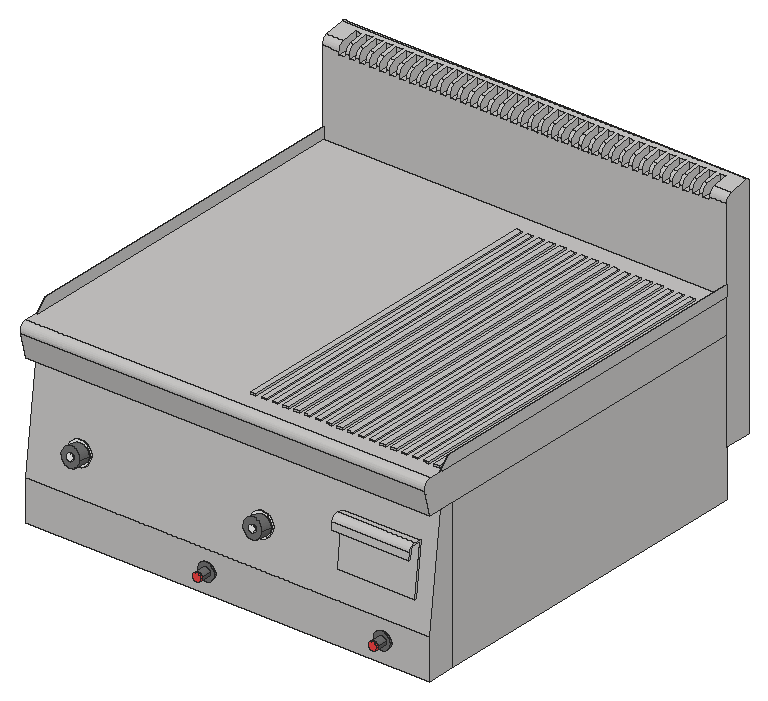
Revit family "QF_GIORIK_LGG6910", category Specialty Equipment, Revit 2014
Parameters (values of type "LGG6910")
  Weight in Pounds = 132.2772
  URL Cutsheet = "www.giorik.com"
  URL = "www.giorik.com"
  Status [instance] = ""
  Specification by User [instance] = ""
  Specification by Manufacturer = ""
  Show Logo [instance] = yes
  Show Clearance [instance] = yes
  Serial Number = ""
  Seismic Rating = ""
  SMACNA No = ""
  Revision Code [instance] = ""
  NAFEM Spec ID Number = ""
  Model = "LGG6910"
  Mechanical Remarks [instance] = "Natural Gas"
  Mechanical Connection Type [instance] = ""
  Masterspec = ""
  Manufacturer = "GIORIK"
  Item Number [instance] = ""
  Installed By [instance] = ""
  Identify Quantity as Lot [instance] = no
  Gas Size = 1"
  Gas RI Height [instance] = 0 mm
  Gas KW = 7.6
  Gas Input = 7600 W
  Gas Connection Height [instance] = 45 mm
  Furnished By [instance] = ""
  Foodservice Equipment Identifier [instance] = yes
  Description = "GRIDDLESMOOTH RIBBED"
  CSI MasterFormat = ""
  Assembly Code = "E1090320"
Reference planes
  plane 1 "Back": y = 0
  plane 2: z = 0
  plane 3 "Left": x = 0
  plane 4 "Right": x = 600
  plane 5 "Front": y = -600
  plane 6 "Top": z = 430
Forms (mm)
  Extrusion 1, solid
    sketch origin (0, 1000, -580) x (0, 1, 0) y (0, 0, 1)
      loop
        line (-1040.007, 869.975) -> (-1589.445, 869.975)
        arc (-1589.445, 869.975) -> (-1598.171, 865.672) -> (-1600.069, 856.13) r 10.999
        line (-1600.069, 856.13) -> (-1590.388, 820) -> (-1040.007, 820) -> (-1040.007, 869.975)
    from 0 to 600
  Extrusion 2, solid
    sketch origin (0, 0, -560) x (0, 1, 0) y (0, 0, 1)
      loop
        line (-570.06, 849.975) -> (-40.007, 849.975) -> (-40.007, 865.387) -> (-554.648, 865.387) -> (-570.06, 849.975)
    from 0 to 1.85
  Extrusion 3, solid
    sketch origin (0, 0, -560) x (0, 1, 0) y (0, 0, 1)
      loop
        line (-40.007, 800) -> (-550, 800) -> (-550, 580) -> (-40.007, 580) -> (-40.007, 800)
    from 0 to 600
  Extrusion 4, solid
    sketch origin (0, 0, -560) x (0, 1, 0) y (0, 0, 1)
      loop
        line (-550, 800) -> (-570.5, 800) -> (-590, 640) -> (-590, 580) -> (-550, 580) -> (-550, 800)
    from 0 to 600
  Extrusion 5, solid
    sketch origin (598.094, 0, -560) x (0, 1, 0) y (0, 0, 1)
      loop
        line (-570.06, 849.975) -> (-40.007, 849.975) -> (-40.007, 865.387) -> (-554.648, 865.387) -> (-570.06, 849.975)
    from -0.15 to 1.906
  Extrusion 6, solid
    sketch origin (0, 0, -560) x (0, 1, 0) y (0, 0, 1)
      loop
        line (-40.007, 974.217) -> (-40.007, 650.827) -> (0, 650.827) -> (0, 988.42)
        arc (0, 988.42) -> (-0.57, 989.648) -> (-1.878, 990) r 1.6
        line (-1.878, 990) -> (-31.072, 984.852)
        arc (-31.072, 984.852) -> (-37.477, 981.162) -> (-40.007, 974.217) r 10.797
    from 0 to 600
  Extrusion 7, solid
    sketch origin (103.819, 0, -561) x (1, 0, 0) y (0, 0, 1)
      loop
        circle (-38.319, 606) r 12.5
    from 20.007 to 40.007
  Extrusion 8, void
    sketch origin (10, 0, 430) x (0, 1, 0) y (-1, 0, 0)
      loop
        line (-40.007, -25) -> (-9.931, -25) -> (-9.931, -15) -> (-40.007, -15) -> (-40.007, -25)
      loop
        line (-40.007, -40) -> (-9.931, -40) -> (-9.931, -30) -> (-40.007, -30) -> (-40.007, -40)
      loop
        line (-40.007, -55) -> (-9.931, -55) -> (-9.931, -45) -> (-40.007, -45) -> (-40.007, -55)
      loop
        line (-40.007, -70) -> (-9.931, -70) -> (-9.931, -60) -> (-40.007, -60) -> (-40.007, -70)
      loop
        line (-40.007, -85) -> (-9.931, -85) -> (-9.931, -75) -> (-40.007, -75) -> (-40.007, -85)
      loop
        line (-40.007, -100) -> (-9.931, -100) -> (-9.931, -90) -> (-40.007, -90) -> (-40.007, -100)
      loop
        line (-40.007, -115) -> (-9.931, -115) -> (-9.931, -105) -> (-40.007, -105) -> (-40.007, -115)
      loop
        line (-40.007, -130) -> (-9.931, -130) -> (-9.931, -120) -> (-40.007, -120) -> (-40.007, -130)
      loop
        line (-40.007, -145) -> (-9.931, -145) -> (-9.931, -135) -> (-40.007, -135) -> (-40.007, -145)
      loop
        line (-40.007, -160) -> (-9.931, -160) -> (-9.931, -150) -> (-40.007, -150) -> (-40.007, -160)
      loop
        line (-40.007, -175) -> (-9.931, -175) -> (-9.931, -165) -> (-40.007, -165) -> (-40.007, -175)
      loop
        line (-40.007, -190) -> (-9.931, -190) -> (-9.931, -180) -> (-40.007, -180) -> (-40.007, -190)
      loop
        line (-40.007, -205) -> (-9.931, -205) -> (-9.931, -195) -> (-40.007, -195) -> (-40.007, -205)
      loop
        line (-40.007, -220) -> (-9.931, -220) -> (-9.931, -210) -> (-40.007, -210) -> (-40.007, -220)
      loop
        line (-40.007, -235) -> (-9.931, -235) -> (-9.931, -225) -> (-40.007, -225) -> (-40.007, -235)
      loop
        line (-40.007, -250) -> (-9.931, -250) -> (-9.931, -240) -> (-40.007, -240) -> (-40.007, -250)
      loop
        line (-40.007, -265) -> (-9.931, -265) -> (-9.931, -255) -> (-40.007, -255) -> (-40.007, -265)
      loop
        line (-40.007, -280) -> (-9.931, -280) -> (-9.931, -270) -> (-40.007, -270) -> (-40.007, -280)
      loop
        line (-40.007, -295) -> (-9.931, -295) -> (-9.931, -285) -> (-40.007, -285) -> (-40.007, -295)
      loop
        line (-40.007, -310) -> (-9.931, -310) -> (-9.931, -300) -> (-40.007, -300) -> (-40.007, -310)
      loop
        line (-40.007, -325) -> (-9.931, -325) -> (-9.931, -315) -> (-40.007, -315) -> (-40.007, -325)
      loop
        line (-40.007, -340) -> (-9.931, -340) -> (-9.931, -330) -> (-40.007, -330) -> (-40.007, -340)
      loop
        line (-40.007, -355) -> (-9.931, -355) -> (-9.931, -345) -> (-40.007, -345) -> (-40.007, -355)
      loop
        line (-40.007, -370) -> (-9.931, -370) -> (-9.931, -360) -> (-40.007, -360) -> (-40.007, -370)
      loop
        line (-40.007, -385) -> (-9.931, -385) -> (-9.931, -375) -> (-40.007, -375) -> (-40.007, -385)
      loop
        line (-40.007, -400) -> (-9.931, -400) -> (-9.931, -390) -> (-40.007, -390) -> (-40.007, -400)
      loop
        line (-40.007, -415) -> (-9.931, -415) -> (-9.931, -405) -> (-40.007, -405) -> (-40.007, -415)
      loop
        line (-40.007, -430) -> (-9.931, -430) -> (-9.931, -420) -> (-40.007, -420) -> (-40.007, -430)
      loop
        line (-40.007, -445) -> (-9.931, -445) -> (-9.931, -435) -> (-40.007, -435) -> (-40.007, -445)
      loop
        line (-40.007, -460) -> (-9.931, -460) -> (-9.931, -450) -> (-40.007, -450) -> (-40.007, -460)
      loop
        line (-40.007, -475) -> (-9.931, -475) -> (-9.931, -465) -> (-40.007, -465) -> (-40.007, -475)
      loop
        line (-40.007, -490) -> (-9.931, -490) -> (-9.931, -480) -> (-40.007, -480) -> (-40.007, -490)
      loop
        line (-40.007, -505) -> (-9.931, -505) -> (-9.931, -495) -> (-40.007, -495) -> (-40.007, -505)
      loop
        line (-40.007, -520) -> (-9.931, -520) -> (-9.931, -510) -> (-40.007, -510) -> (-40.007, -520)
      loop
        line (-40.007, -535) -> (-9.931, -535) -> (-9.931, -525) -> (-40.007, -525) -> (-40.007, -535)
      loop
        line (-40.007, -550) -> (-9.931, -550) -> (-9.931, -540) -> (-40.007, -540) -> (-40.007, -550)
      loop
        line (-40.007, -565) -> (-9.931, -565) -> (-9.931, -555) -> (-40.007, -555) -> (-40.007, -565)
    from 0 to -20
  Extrusion 9, solid
    sketch origin (566.603, 15.293, -30) x (0, 1, 0) y (-1, 0, 0)
      loop
        circle (-79.293, 516.603) r 5
    from 41.965 to 50
  Revolve 10, solid
    sketch origin (50, 19.943, -600) x (0, 1, 0) y (0, 0, 1)
      loop
        line (-83.943, 611.965) -> (-94.752, 611.965) -> (-97.943, 600) -> (-83.943, 600) -> (-83.943, 611.965)
      axis (-83.943, 611.965) -> (-83.943, 600)
    angle from 0 to 360
  Extrusion 11, solid
    sketch origin (33.397, 15.293, -30) x (0, 1, 0) y (-1, 0, 0)
      loop
        circle (-79.293, -516.603) r 5
    from 41.965 to 50
  Revolve 12, solid
    sketch origin (550, 19.943, -600) x (0, 1, 0) y (0, 0, -1)
      loop
        line (-83.943, -611.965) -> (-83.943, -600) -> (-97.943, -600) -> (-94.752, -611.965) -> (-83.943, -611.965)
      axis (-83.943, -611.965) -> (-83.943, -600)
    angle from 0 to 360
  Extrusion 13, solid
    sketch origin (566.603, -459.707, -30) x (0, 1, 0) y (-1, 0, 0)
      loop
        circle (-79.293, 516.603) r 5
    from 41.965 to 50
  Revolve 14, solid
    sketch origin (50, -455.057, -600) x (0, 1, 0) y (0, 0, 1)
      loop
        line (-83.943, 611.965) -> (-94.752, 611.965) -> (-97.943, 600) -> (-83.943, 600) -> (-83.943, 611.965)
      axis (-83.943, 611.965) -> (-83.943, 600)
    angle from 0 to 360
  Extrusion 15, solid
    sketch origin (33.397, -459.707, -30) x (0, 1, 0) y (-1, 0, 0)
      loop
        circle (-79.293, -516.603) r 5
    from 41.965 to 50
  Revolve 16, solid
    sketch origin (550, -455.057, -600) x (0, 1, 0) y (0, 0, -1)
      loop
        line (-83.943, -611.965) -> (-83.943, -600) -> (-97.943, -600) -> (-94.752, -611.965) -> (-83.943, -611.965)
      axis (-83.943, -611.965) -> (-83.943, -600)
    angle from 0 to 360
  Extrusion 17, solid
    sketch origin (322.5, -693.34, -437.283) x (0, 0.992655, -0.12098) y (0, 0.12098, 0.992655)
      loop
        line (40, 640.1) -> (30, 640.1)
        arc (30, 640.1) -> (22.929, 637.171) -> (20, 630.1) r 10
        line (20, 630.1) -> (20, 620.1) -> (22, 620.1) -> (22, 630.1)
        arc (22, 630.1) -> (24.343, 635.757) -> (30, 638.1) r 8
        line (30, 638.1) -> (38, 638.1) -> (38, 565.1) -> (40, 565.1) -> (40, 640.1)
    from 137.5 to 252.5
  Extrusion 18, solid
    sketch origin (40, 64.993, -573.525) x (1, 0, 0) y (0, 1, 0)
      loop
        line (272.5, -135) -> (272.5, -628.345) -> (280.5, -628.345) -> (280.5, -135) -> (272.5, -135)
      loop
        line (288.5, -135) -> (288.5, -628.345) -> (296.5, -628.345) -> (296.5, -135) -> (288.5, -135)
      loop
        line (304.5, -135) -> (304.5, -628.345) -> (312.5, -628.345) -> (312.5, -135) -> (304.5, -135)
      loop
        line (320.5, -135) -> (320.5, -628.345) -> (328.5, -628.345) -> (328.5, -135) -> (320.5, -135)
      loop
        line (336.5, -135) -> (336.5, -628.345) -> (344.5, -628.345) -> (344.5, -135) -> (336.5, -135)
      loop
        line (352.5, -135) -> (352.5, -628.345) -> (360.5, -628.345) -> (360.5, -135) -> (352.5, -135)
      loop
        line (368.5, -135) -> (368.5, -628.345) -> (376.5, -628.345) -> (376.5, -135) -> (368.5, -135)
      loop
        line (384.5, -135) -> (384.5, -628.345) -> (392.5, -628.345) -> (392.5, -135) -> (384.5, -135)
      loop
        line (400.5, -135) -> (400.5, -628.345) -> (408.5, -628.345) -> (408.5, -135) -> (400.5, -135)
      loop
        line (416.5, -135) -> (416.5, -628.345) -> (424.5, -628.345) -> (424.5, -135) -> (416.5, -135)
      loop
        line (432.5, -135) -> (432.5, -628.345) -> (440.5, -628.345) -> (440.5, -135) -> (432.5, -135)
      loop
        line (448.5, -135) -> (448.5, -628.345) -> (456.5, -628.345) -> (456.5, -135) -> (448.5, -135)
      loop
        line (464.5, -135) -> (464.5, -628.345) -> (472.5, -628.345) -> (472.5, -135) -> (464.5, -135)
      loop
        line (480.5, -135) -> (480.5, -628.345) -> (488.5, -628.345) -> (488.5, -135) -> (480.5, -135)
      loop
        line (496.5, -135) -> (496.5, -628.345) -> (504.5, -628.345) -> (504.5, -135) -> (496.5, -135)
      loop
        line (512.5, -135) -> (512.5, -628.345) -> (520.5, -628.345) -> (520.5, -135) -> (512.5, -135)
      loop
        line (528.5, -135) -> (528.5, -628.345) -> (536.5, -628.345) -> (536.5, -135) -> (528.5, -135)
      loop
        line (544.5, -135) -> (544.5, -628.345) -> (552.5, -628.345) -> (552.5, -135) -> (544.5, -135)
    from 863.5 to 865.5
  Extrusion 19, solid
    sketch origin (491.253, -565.645, -661.168) x (1, 0, 0) y (0, 0.001091, 0.999999)
      loop
        circle (38.702, 711.666) r 12.5
    from 25 to 27
  Extrusion 20, solid
    sketch origin (-234.956, -592.652, -667.561) x (1, 0, 0) y (0, 0.001091, 0.999999)
      loop
        circle (764.91, 718.089) r 6
    from 0 to 15
  Extrusion 21, solid
    sketch origin (-234.956, -593.814, -667.56) x (1, 0, 0) y (0, 0.001091, 0.999999)
      loop
        circle (764.91, 718.089) r 6
    from 13.838 to 15.838
  Extrusion 22, solid
    sketch origin (74.954, -612.2, -101.626) x (1, 0, 0) y (0, 0.12098, 0.992655)
      loop
        circle (0, 240) r 14
    from 0 to 17.552
  Extrusion 23, solid
    sketch origin (74.954, -612.2, -101.626) x (1, 0, 0) y (0, 0.12098, 0.992655)
      loop
        circle (0, 240) r 17
    from 0 to 1.96
  Extrusion 24, solid
    sketch origin (4.954, -21.489, -72.751) x (1, 0, 0) y (0, 0.12098, 0.992655)
      loop
        circle (70, 139.874) r 5
    from 601.431 to 599.431
  Extrusion 25, solid
    sketch origin (344.954, -612.2, -101.626) x (1, 0, 0) y (0, 0.12098, 0.992655)
      loop
        circle (0, 240) r 14
    from 0 to 17.552
  Extrusion 26, solid
    sketch origin (344.954, -612.2, -101.626) x (1, 0, 0) y (0, 0.12098, 0.992655)
      loop
        circle (0, 240) r 17
    from 0 to 1.96
  Extrusion 27, solid
    sketch origin (274.954, -21.489, -72.751) x (1, 0, 0) y (0, 0.12098, 0.992655)
      loop
        circle (70, 139.874) r 5
    from 601.431 to 599.431
  Extrusion 28, solid
    sketch origin (230.253, -565.645, -661.168) x (1, 0, 0) y (0, 0.001091, 0.999999)
      loop
        circle (38.702, 711.666) r 12.5
    from 25 to 27
  Extrusion 29, solid
    sketch origin (-495.956, -592.652, -667.561) x (1, 0, 0) y (0, 0.001091, 0.999999)
      loop
        circle (764.91, 718.089) r 6
    from 0 to 15
  Extrusion 30, solid
    sketch origin (-495.956, -593.814, -667.56) x (1, 0, 0) y (0, 0.001091, 0.999999)
      loop
        circle (764.91, 718.089) r 6
    from 13.838 to 15.838
Cuts and joins
  Extrusion 8 cuts Extrusion 6
Lines and regions (mm)
  symbolic lines, style "200-EquipBorder-2D"
    curve 1: line (600, 0, 0) -> (0, 0, 0)
    curve 2: line (0, 0, 0) -> (0, -600, 0)
    curve 119: line (600, -600, 430) -> (600, 0, 430)
    curve 126: line (262.954, -608.868, 430) -> (262.954, -600, 430)
    curve 127: line (262.954, -608.868, 430) -> (274.954, -608.868, 430)
    curve 128: line (274.954, -608.868, 430) -> (274.954, -600, 430)
    curve 129: line (600, -600, 430) -> (0, -600, 430)
    curve 130: line (523.954, -608.868, 430) -> (523.954, -600, 430)
    curve 131: line (523.954, -608.868, 430) -> (535.954, -608.868, 430)
    curve 132: line (535.954, -608.868, 430) -> (535.954, -600, 430)
  symbolic lines, style "200-EquipInternal-2D"
    curve 3: line (600, -40.007, 430) -> (0, -40.007, 430)
    curve 4: line (597.944, -570.06, 430) -> (600, -570.06, 430)
    curve 5: line (597.944, -40.007, 430) -> (597.944, -570.06, 430)
    curve 6: line (0, -570.06, 430) -> (1.85, -570.06, 430)
    curve 7: line (1.85, -570.06, 430) -> (1.85, -40.007, 430)
    curve 8: line (25, -9.931, 290) -> (25, -40.007, 290)
    curve 9: line (35, -40.007, 290) -> (35, -9.931, 290)
    curve 10: line (40, -9.931, 290) -> (40, -40.007, 290)
    curve 11: line (50, -40.007, 290) -> (50, -9.931, 290)
    curve 12: line (55, -9.931, 290) -> (55, -40.007, 290)
    curve 13: line (65, -40.007, 290) -> (65, -9.931, 290)
    curve 14: line (85, -9.931, 290) -> (85, -40.007, 290)
    curve 15: line (95, -40.007, 290) -> (95, -9.931, 290)
    curve 16: line (100, -9.931, 290) -> (100, -40.007, 290)
    curve 17: line (110, -40.007, 290) -> (110, -9.931, 290)
    curve 18: line (140, -40.007, 290) -> (140, -9.931, 290)
    curve 19: line (130, -9.931, 290) -> (130, -40.007, 290)
    curve 20: line (155, -40.007, 290) -> (155, -9.931, 290)
    curve 21: line (160, -9.931, 290) -> (160, -40.007, 290)
    curve 22: line (170, -40.007, 290) -> (170, -9.931, 290)
    curve 23: line (145, -9.931, 290) -> (145, -40.007, 290)
    curve 24: line (200, -40.007, 290) -> (200, -9.931, 290)
    curve 25: line (190, -9.931, 290) -> (190, -40.007, 290)
    curve 26: line (205, -9.931, 290) -> (205, -40.007, 290)
    curve 27: line (215, -40.007, 290) -> (215, -9.931, 290)
    curve 28: line (220, -9.931, 290) -> (220, -40.007, 290)
    curve 29: line (230, -40.007, 290) -> (230, -9.931, 290)
    curve 30: line (250, -9.931, 290) -> (250, -40.007, 290)
    curve 31: line (260, -40.007, 290) -> (260, -9.931, 290)
    curve 32: line (265, -9.931, 290) -> (265, -40.007, 290)
    curve 33: line (275, -40.007, 290) -> (275, -9.931, 290)
    curve 34: line (280, -9.931, 290) -> (280, -40.007, 290)
    curve 35: line (290, -40.007, 290) -> (290, -9.931, 290)
    curve 36: line (320, -40.007, 290) -> (320, -9.931, 290)
    curve 37: line (310, -9.931, 290) -> (310, -40.007, 290)
    curve 38: line (335, -40.007, 290) -> (335, -9.931, 290)
    curve 39: line (325, -9.931, 290) -> (325, -40.007, 290)
    curve 40: line (340, -9.931, 290) -> (340, -40.007, 290)
    curve 41: line (350, -40.007, 290) -> (350, -9.931, 290)
    curve 42: line (370, -9.931, 290) -> (370, -40.007, 290)
    curve 43: line (380, -40.007, 290) -> (380, -9.931, 290)
    curve 44: line (385, -9.931, 290) -> (385, -40.007, 290)
    curve 45: line (395, -9.931, 290) -> (385, -9.931, 290)
    curve 46: line (380, -9.931, 290) -> (370, -9.931, 290)
    curve 47: line (350, -9.931, 290) -> (340, -9.931, 290)
    curve 48: line (335, -9.931, 290) -> (325, -9.931, 290)
    curve 49: line (320, -9.931, 290) -> (310, -9.931, 290)
    curve 50: line (275, -9.931, 290) -> (265, -9.931, 290)
    curve 51: line (110, -9.931, 290) -> (100, -9.931, 290)
    curve 52: line (95, -9.931, 290) -> (85, -9.931, 290)
    curve 53: line (65, -9.931, 290) -> (55, -9.931, 290)
    curve 54: line (35, -9.931, 290) -> (25, -9.931, 290)
    curve 55: line (140, -9.931, 290) -> (130, -9.931, 290)
    curve 56: line (155, -9.931, 290) -> (145, -9.931, 290)
    curve 57: line (170, -9.931, 290) -> (160, -9.931, 290)
    curve 58: line (200, -9.931, 290) -> (190, -9.931, 290)
    curve 59: line (215, -9.931, 290) -> (205, -9.931, 290)
    curve 60: line (230, -9.931, 290) -> (220, -9.931, 290)
    curve 61: line (260, -9.931, 290) -> (250, -9.931, 290)
    curve 62: line (50, -9.931, 290) -> (40, -9.931, 290)
    curve 63: line (70, -9.931, 430) -> (70, -40.007, 430)
    curve 64: line (80, -40.007, 430) -> (80, -9.931, 430)
    curve 65: line (80, -9.931, 430) -> (70, -9.931, 430)
    curve 66: line (115, -9.931, 430) -> (115, -40.007, 430)
    curve 67: line (125, -40.007, 430) -> (125, -9.931, 430)
    curve 68: line (125, -9.931, 430) -> (115, -9.931, 430)
    curve 69: line (175, -9.931, 430) -> (175, -40.007, 430)
    curve 70: line (185, -40.007, 430) -> (185, -9.931, 430)
    curve 71: line (185, -9.931, 430) -> (175, -9.931, 430)
    curve 72: line (235, -9.931, 430) -> (235, -40.007, 430)
    curve 73: line (245, -40.007, 430) -> (245, -9.931, 430)
    curve 74: line (245, -9.931, 430) -> (235, -9.931, 430)
    curve 75: line (290, -9.931, 430) -> (280, -9.931, 430)
    curve 76: line (305, -9.931, 430) -> (295, -9.931, 430)
    curve 77: line (295, -9.931, 430) -> (295, -40.007, 430)
    curve 78: line (305, -40.007, 430) -> (305, -9.931, 430)
    curve 79: line (355, -9.931, 430) -> (355, -40.007, 430)
    curve 80: line (365, -40.007, 430) -> (365, -9.931, 430)
    curve 81: line (365, -9.931, 430) -> (355, -9.931, 430)
    curve 82: line (395, -40.007, 430) -> (395, -9.931, 430)
    curve 83: line (400, -9.931, 430) -> (400, -40.007, 430)
    curve 84: line (410, -40.007, 430) -> (410, -9.931, 430)
    curve 85: line (410, -9.931, 430) -> (400, -9.931, 430)
    curve 86: line (425, -9.931, 430) -> (415, -9.931, 430)
    curve 87: line (415, -9.931, 430) -> (415, -40.007, 430)
    curve 88: line (425, -40.007, 430) -> (425, -9.931, 430)
    curve 89: line (430, -9.931, 430) -> (430, -40.007, 430)
    curve 90: line (440, -40.007, 430) -> (440, -9.931, 430)
    curve 91: line (440, -9.931, 430) -> (430, -9.931, 430)
    curve 92: line (445, -9.931, 430) -> (445, -40.007, 430)
    curve 93: line (455, -40.007, 430) -> (455, -9.931, 430)
    curve 94: line (460, -9.931, 430) -> (460, -40.007, 430)
    curve 95: line (470, -40.007, 430) -> (470, -9.931, 430)
    curve 96: line (475, -9.931, 430) -> (475, -40.007, 430)
    curve 97: line (485, -40.007, 430) -> (485, -9.931, 430)
    curve 98: line (490, -9.931, 430) -> (490, -40.007, 430)
    curve 99: line (500, -40.007, 430) -> (500, -9.931, 430)
    curve 100: line (505, -9.931, 430) -> (505, -40.007, 430)
    curve 101: line (515, -40.007, 430) -> (515, -9.931, 430)
    curve 102: line (520, -9.931, 430) -> (520, -40.007, 430)
    curve 103: line (530, -40.007, 430) -> (530, -9.931, 430)
    curve 104: line (535, -9.931, 430) -> (535, -40.007, 430)
    curve 105: line (545, -40.007, 430) -> (545, -9.931, 430)
    curve 106: line (550, -9.931, 430) -> (550, -40.007, 430)
    curve 107: line (560, -40.007, 430) -> (560, -9.931, 430)
    curve 108: line (565, -9.931, 430) -> (565, -40.007, 430)
    curve 109: line (455, -9.931, 430) -> (445, -9.931, 430)
    curve 110: line (470, -9.931, 430) -> (460, -9.931, 430)
    curve 111: line (485, -9.931, 430) -> (475, -9.931, 430)
    curve 112: line (500, -9.931, 430) -> (490, -9.931, 430)
    curve 113: line (515, -9.931, 430) -> (505, -9.931, 430)
    curve 114: line (530, -9.931, 430) -> (520, -9.931, 430)
    curve 115: line (545, -9.931, 430) -> (535, -9.931, 430)
    curve 116: line (560, -9.931, 430) -> (550, -9.931, 430)
    curve 117: line (575, -9.931, 430) -> (565, -9.931, 430)
    curve 118: line (575, -40.007, 430) -> (575, -9.931, 430)
    curve 120: line (328.5, -70.007, 290) -> (328.5, -563.352, 290)
    curve 121: line (320.5, -563.352, 290) -> (320.5, -70.007, 290)
    curve 122: line (312.5, -70.007, 290) -> (312.5, -563.352, 290)
    curve 123: line (320.5, -70.007, 290) -> (312.5, -70.007, 290)
    curve 124: line (336.5, -70.007, 290) -> (328.5, -70.007, 290)
    curve 125: line (320.5, -563.352, 290) -> (312.5, -563.352, 290)
    curve 133: line (336.5, -563.352, 430) -> (336.5, -70.007, 430)
    curve 134: line (328.5, -563.352, 430) -> (336.5, -563.352, 430)
    curve 135: line (344.5, -70.007, 430) -> (344.5, -563.352, 430)
    curve 136: line (352.5, -563.352, 430) -> (352.5, -70.007, 430)
    curve 137: line (360.5, -70.007, 430) -> (360.5, -563.352, 430)
    curve 138: line (368.5, -563.352, 430) -> (368.5, -70.007, 430)
    curve 139: line (376.5, -70.007, 430) -> (376.5, -563.352, 430)
    curve 140: line (384.5, -563.352, 430) -> (384.5, -70.007, 430)
    curve 141: line (392.5, -70.007, 430) -> (392.5, -563.352, 430)
    curve 142: line (400.5, -563.352, 430) -> (400.5, -70.007, 430)
    curve 143: line (416.5, -563.352, 430) -> (416.5, -70.007, 430)
    curve 144: line (408.5, -70.007, 430) -> (408.5, -563.352, 430)
    curve 145: line (424.5, -70.007, 430) -> (424.5, -563.352, 430)
    curve 146: line (432.5, -563.352, 430) -> (432.5, -70.007, 430)
    curve 147: line (440.5, -70.007, 430) -> (440.5, -563.352, 430)
    curve 148: line (448.5, -563.352, 430) -> (448.5, -70.007, 430)
    curve 149: line (464.5, -563.352, 430) -> (464.5, -70.007, 430)
    curve 150: line (456.5, -70.007, 430) -> (456.5, -563.352, 430)
    curve 151: line (472.5, -70.007, 430) -> (472.5, -563.352, 430)
    curve 152: line (480.5, -563.352, 430) -> (480.5, -70.007, 430)
    curve 153: line (488.5, -70.007, 430) -> (488.5, -563.352, 430)
    curve 154: line (496.5, -563.352, 430) -> (496.5, -70.007, 430)
    curve 155: line (504.5, -70.007, 430) -> (504.5, -563.352, 430)
    curve 156: line (512.5, -563.352, 430) -> (512.5, -70.007, 430)
    curve 157: line (520.5, -70.007, 430) -> (520.5, -563.352, 430)
    curve 158: line (528.5, -563.352, 430) -> (528.5, -70.007, 430)
    curve 159: line (536.5, -70.007, 430) -> (536.5, -563.352, 430)
    curve 160: line (544.5, -563.352, 430) -> (544.5, -70.007, 430)
    curve 161: line (552.5, -70.007, 430) -> (552.5, -563.352, 430)
    curve 162: line (560.5, -563.352, 430) -> (560.5, -70.007, 430)
    curve 163: line (536.5, -563.352, 430) -> (544.5, -563.352, 430)
    curve 164: line (520.5, -563.352, 430) -> (528.5, -563.352, 430)
    curve 165: line (504.5, -563.352, 430) -> (512.5, -563.352, 430)
    curve 166: line (488.5, -563.352, 430) -> (496.5, -563.352, 430)
    curve 167: line (472.5, -563.352, 430) -> (480.5, -563.352, 430)
    curve 168: line (456.5, -563.352, 430) -> (464.5, -563.352, 430)
    curve 169: line (440.5, -563.352, 430) -> (448.5, -563.352, 430)
    curve 170: line (424.5, -563.352, 430) -> (432.5, -563.352, 430)
    curve 171: line (408.5, -563.352, 430) -> (416.5, -563.352, 430)
    curve 172: line (392.5, -563.352, 430) -> (400.5, -563.352, 430)
    curve 173: line (376.5, -563.352, 430) -> (384.5, -563.352, 430)
    curve 174: line (360.5, -563.352, 430) -> (368.5, -563.352, 430)
    curve 175: line (344.5, -563.352, 430) -> (352.5, -563.352, 430)
    curve 176: line (552.5, -563.352, 430) -> (560.5, -563.352, 430)
    curve 177: line (584.5, -563.352, 430) -> (592.5, -563.352, 430)
    curve 178: line (592.5, -563.352, 430) -> (592.5, -70.007, 430)
    curve 179: line (584.5, -70.007, 430) -> (584.5, -563.352, 430)
    curve 180: line (576.5, -563.352, 430) -> (576.5, -70.007, 430)
    curve 181: line (568.5, -70.007, 430) -> (568.5, -563.352, 430)
    curve 182: line (568.5, -563.352, 430) -> (576.5, -563.352, 430)
    curve 183: line (592.5, -70.007, 430) -> (584.5, -70.007, 430)
    curve 184: line (576.5, -70.007, 430) -> (568.5, -70.007, 430)
    curve 185: line (560.5, -70.007, 430) -> (552.5, -70.007, 430)
    curve 186: line (544.5, -70.007, 430) -> (536.5, -70.007, 430)
    curve 187: line (528.5, -70.007, 430) -> (520.5, -70.007, 430)
    curve 188: line (512.5, -70.007, 430) -> (504.5, -70.007, 430)
    curve 189: line (496.5, -70.007, 430) -> (488.5, -70.007, 430)
    curve 190: line (480.5, -70.007, 430) -> (472.5, -70.007, 430)
    curve 191: line (464.5, -70.007, 430) -> (456.5, -70.007, 430)
    curve 192: line (448.5, -70.007, 430) -> (440.5, -70.007, 430)
    curve 193: line (432.5, -70.007, 430) -> (424.5, -70.007, 430)
    curve 194: line (416.5, -70.007, 430) -> (408.5, -70.007, 430)
    curve 195: line (400.5, -70.007, 430) -> (392.5, -70.007, 430)
    curve 196: line (384.5, -70.007, 430) -> (376.5, -70.007, 430)
    curve 197: line (368.5, -70.007, 430) -> (360.5, -70.007, 430)
    curve 198: line (352.5, -70.007, 430) -> (344.5, -70.007, 430)
Dimensions and locks
  plane 3 "Left" to plane 4 "Right" = 600 mm
  plane 5 "Front" to plane 1 "Back" = 600 mm
  plane 4 "Right" to plane 3 "Left" = 600 mm
  plane 1 "Back" to plane 5 "Front" = 600 mm
  plane 6 "Top" to level = 430 mm  (x2)
  aligned and locked: level to plane 2
Connectors
  piping at (65.5, -20.007, 45), diameter 25.4, driven by "Gas Size"
    settings: on Extrusion 7, index 1, connector inside diameter 24", connector length 0 mm, flow factor 0, pipe flow 0.0 L/s, pressure drop 0.0 Pa, fitting loss kfactor 0, connector angle 0.00°, fixture units 0, engagement length 0 mm, angle of deflection 0.00°, flow configuration 1, flow direction 1, fitting loss method 0, system type 22, joint type 0, gender type 0, connector reference index -1, connector utility 0, adjustable connector no, is connector primary yes, connector description "Gas inlet"
